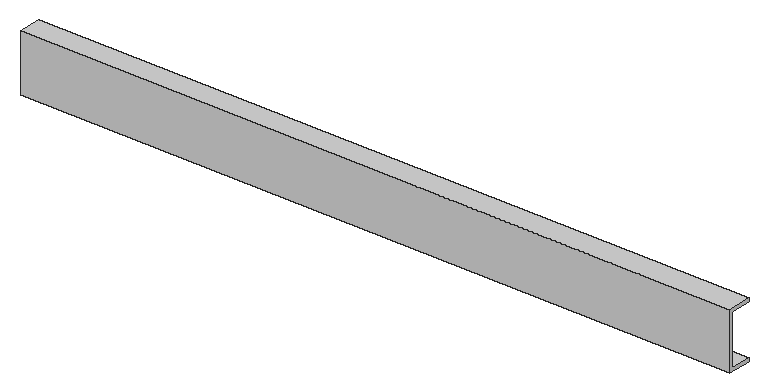
Revit family "槽鋼", category 結構構架, Revit 2019
Family settings
  結構構架長度捨入 = 1 mm
  剖面造型 = 未定義
  模型行為材料 = 鋼
  永遠匯出成幾何圖形 = 否
  總是垂直 = 是
  載入時使用空心切割 = 否
  符號表現法 = 從專案設定
  共用 = 否
  展示平面視圖中預先切割的族群 = 是
Parameters (values of type "C200x80")
  W = 0
  Structural Material [instance] = 金屬 - 輕型
  Keynote = ""
  Length [instance] = 3000 mm
  Assembly Code = ""
  tw = 7.5 mm
  tf = 11 mm
  r = 10 mm
  H = 200 mm
  B = 80 mm
  A = 0.00219 m²
Types (2, lengths in mm): name | tw | tf | H | B
  C150x75 | 6.5 | 10 | 150 | 75
  C200x80 | 7.5 | 11 | 200 | 80
Reference planes
  plane 1 "中心 (前/後)": y = 0
  plane 2 "中心立面": z = 0
  plane 3 "中心 (左/右)": x = 0
  plane 4 "左": x = -1500
  plane 5 "左成員": x = -1250
  plane 6 "左邊黏上符號": x = -1000
  plane 7 "右": x = 1500
  plane 8 "右成員": x = 1250
  plane 9 "右邊黏上符號": x = 1000
  plane 10: z = -200
Forms (mm)
  Extrusion 1, solid, material "金屬 - 輕型" <- "Structural Material", detail levels medium+fine
    sketch origin (0, 0, 0) x (0, 1, 0) y (0, 0, 1)
      loop
        line (80, 0) -> (0, 0) -> (0, -200) -> (80, -200) -> (80, -189) -> (17.5, -189)
        arc (17.5, -189) -> (10.429, -186.071) -> (7.5, -179) r 10
        line (7.5, -179) -> (7.5, -21)
        arc (7.5, -21) -> (10.429, -13.929) -> (17.5, -11) r 10
        line (17.5, -11) -> (80, -11) -> (80, 0)
    from -1250 to 1250
Lines and regions (mm)
  model lines, style "黏上符號", detail levels coarse
    curve 1: line (-1000, 0, 0) -> (1000, 0, 0)
Dimensions and locks
  equal spacing: plane 4 "左", plane 3 "中心 (左/右)", plane 7 "右"
  "Length": plane 4 "左" to plane 7 "右"
  "tw": plane 1 "中心 (前/後)" to Extrusion 1 sketch curve
  "tf": Extrusion 1 sketch curve to Extrusion 1 sketch curve  (x2)
  "B": plane 1 "中心 (前/後)" to Extrusion 1 sketch curve  (x2)
  "H": plane 2 "中心立面" to plane 10
  "r": radius of Extrusion 1 sketch curve  (x2)
  aligned and locked: plane 5 "左成員" to Extrusion 1
  aligned and locked: Extrusion 1 to plane 8 "右成員"
  aligned and locked: plane 1 "中心 (前/後)" to curve 1
  aligned and locked: plane 6 "左邊黏上符號" to curve 1
  aligned and locked: plane 9 "右邊黏上符號" to curve 1
  aligned and locked: Extrusion 1 sketch curve to plane 10
Automatic sketch dimensions
  Extrusion 1 sketch curve to plane 1 "中心 (前/後)" = 0 mm
  Extrusion 1 sketch curve to level = 0 mm
